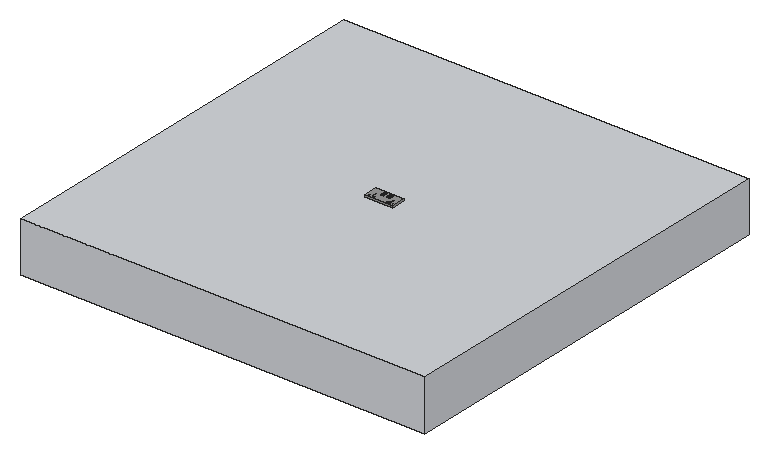
Revit family "EP_Twin Socket with Switch", category Electrical Fixtures, host Face, Revit 2013
Parameters
  Voltage = 230 V
  Load Classification = Twin Socket
  Load = 400 W
  Default Elevation = 1200 mm
Reference planes
  plane 1 "Center (Front/Back)": y = 0
  plane 2: z = 0
  plane 3 "Center (Left/Right)": x = 0
  plane 4: y = 43
  plane 5: y = -43
  plane 6 "Switch": z = 8
  plane 7: x = -86
  plane 8: x = 86
Forms (mm)
  Extrusion 1, solid
    sketch origin (0, 0, 0) x (1, 0, 0) y (0, 1, 0)
      loop
        line (-1219.2, 1219.2) -> (-1219.2, -1219.2) -> (1219.2, -1219.2) -> (1219.2, 1219.2) -> (-1219.2, 1219.2)
    from 0 to -304.8
  Extrusion 2, solid, material "Face Plate"
    sketch origin (-43, 0, 0) x (1, 0, 0) y (0, 1, 0)
      loop
        line (-43, -43) -> (129, -43) -> (129, 43) -> (-43, 43) -> (-43, -43)
    from 0 to 8
  Extrusion 3, void
    sketch origin (-43, 0, 0) x (1, 0, 0) y (0, 1, 0)
      loop
        line (-27, -29) -> (-15, -29) -> (-15, -24.618) -> (-27, -24.618) -> (-27, -29)
    from 0 to 8
  Extrusion 4, void
    sketch origin (-63, 0, 0) x (-1, 0, 0) y (0, -1, 0)
      loop
        line (-27, 29) -> (-27, 24.618) -> (-15, 24.618) -> (-15, 29) -> (-27, 29)
    from 0 to 8
  Extrusion 5, void
    sketch origin (-43, 0, 0) x (1, 0, 0) y (0, 1, 0)
      loop
        line (-12, -11) -> (-8, -11) -> (-8, 0.984) -> (-12, 0.984) -> (-12, -11)
    from 0 to 8
  Extrusion 6, solid, material "Face Plate"
    sketch origin (-45, 36.827, 0) x (0, -1, 0) y (0, 0, -1)
      loop
        line (6.07, -8) -> (27.827, -13.425) -> (27.827, -8) -> (6.07, -8)
    from 20 to 33
  Extrusion 7, void
    sketch origin (-45, -2.1, 0) x (1, 0, 0) y (0, 1, 0)
      loop
        line (20, 11.1) -> (33, 11.1) -> (33, 32.857) -> (20, 32.857) -> (20, 11.1)
      loop
        line (18, 35.014) -> (18, 9.1) -> (35, 9.1) -> (35, 35.014) -> (18, 35.014)
    from 7.5 to 8
  Extrusion 8, solid, material "Face Plate"
    sketch origin (45, 36.827, 0) x (0, -1, 0) y (0, 0, 1)
      loop
        line (6.07, 8) -> (27.827, 8) -> (27.827, 13.425) -> (6.07, 8)
    from 20 to 33
  Extrusion 9, void
    sketch origin (45, -2.1, 0) x (-1, 0, 0) y (0, -1, 0)
      loop
        line (20, -11.1) -> (20, -32.857) -> (33, -32.857) -> (33, -11.1) -> (20, -11.1)
      loop
        line (18, -35.014) -> (35, -35.014) -> (35, -9.1) -> (18, -9.1) -> (18, -35.014)
    from 7.5 to 8
  Extrusion 10, void
    sketch origin (43, 0, 0) x (-1, 0, 0) y (0, -1, 0)
      loop
        line (-12, 11) -> (-12, -0.984) -> (-8, -0.984) -> (-8, 11) -> (-12, 11)
    from 0 to 8
  Extrusion 11, void
    sketch origin (43, 0, 0) x (-1, 0, 0) y (0, -1, 0)
      loop
        line (-27, 29) -> (-27, 24.618) -> (-15, 24.618) -> (-15, 29) -> (-27, 29)
    from 0 to 8
  Extrusion 12, void
    sketch origin (63, 0, 0) x (1, 0, 0) y (0, 1, 0)
      loop
        line (-27, -29) -> (-15, -29) -> (-15, -24.618) -> (-27, -24.618) -> (-27, -29)
    from 0 to 8
Cuts and joins
  Extrusion 3, Extrusion 4, Extrusion 5, Extrusion 7, Extrusion 9, Extrusion 10, Extrusion 11, Extrusion 12 cuts Extrusion 2
Lines and regions (mm)
  model lines
    curve 1: line (-76, -33, 8) -> (-76, -21, 8)
    curve 2: line (-76, -21, 8) -> (-30, -21, 8)
    curve 3: line (-30, -21, 8) -> (-30, -33, 8)
    curve 4: line (-30, -33, 8) -> (-76, -33, 8)
    curve 5: line (-58, -15, 8) -> (-58, 5, 8)
    curve 6: line (-58, 5, 8) -> (-48, 5, 8)
    curve 7: line (-48, 5, 8) -> (-48, -15, 8)
    curve 8: line (-48, -15, 8) -> (-58, -15, 8)
    curve 9: line (76, -33, 8) -> (76, -21, 8)
    curve 10: line (76, -21, 8) -> (30, -21, 8)
    curve 11: line (30, -21, 8) -> (30, -33, 8)
    curve 12: line (30, -33, 8) -> (76, -33, 8)
    curve 13: line (58, -15, 8) -> (58, 5, 8)
    curve 14: line (58, 5, 8) -> (48, 5, 8)
    curve 15: line (48, 5, 8) -> (48, -15, 8)
    curve 16: line (48, -15, 8) -> (58, -15, 8)
Dimensions and locks
  aligned and locked: plane 2 to Extrusion 1
  aligned and locked: level to Extrusion 1
Nested families
  nested 1: "EP_TSS" at (0, 0, 0), type "EP_TSS"
Connectors
  electrical at (0, 0, 0), driven by "Load", driven by "Load Classification"
    settings: on cut or joined group of Extrusion 2, Extrusion 3, Extrusion 4, Extrusion 5, Extrusion 7, Extrusion 9, Extrusion 10, Extrusion 11, Extrusion 12, index 2, voltage 230 V, apparent load 0 W, apparent load phase1 400 W, apparent load phase2 0 W, apparent load phase3 0 W, power factor 1, load classification "Twin Socket", number of poles 1, system type 31, power factor state 1, is connector primary yes, connector utility no, sub classification motor no, connector description ""
Definition of nested family "EP_TSS"
  Reference planes
    plane 1: y = 0
    plane 2: x = 0
  Lines and regions (mm)
    detail lines, style "Power Symbols"
      curve 1: line (-1.494, 0, 0) -> (1.506, 0, 0)
      curve 2: arc (1.506, 0, 0) -> (0.006, 1.5, 0) -> (-1.494, 0, 0) r 1.5
      curve 3: line (0, 1.5, 0) -> (0, 2.75, 0)
      curve 4: line (-0.5, 2.235, 0) -> (0.5, 2.235, 0)
  Text (mm)
    text "2" at (0.002, 1.491, 0)
